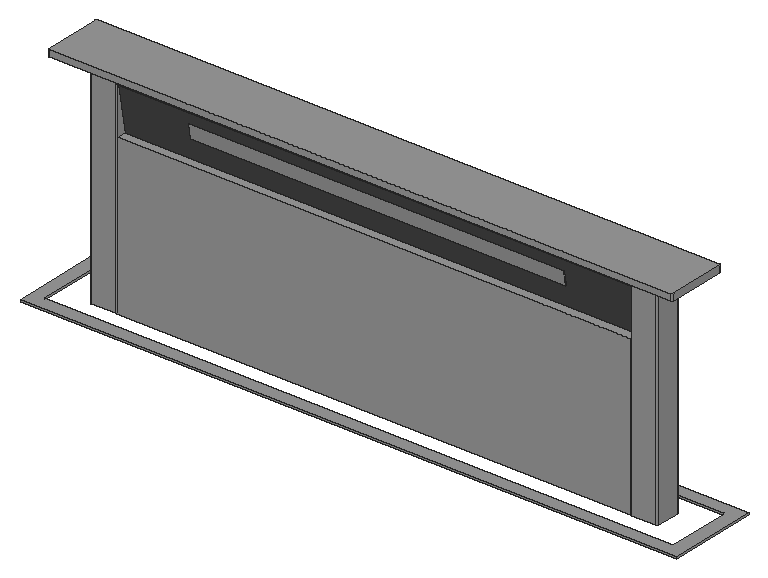
Revit family "Elica Andante Extractor", category Mechanical Equipment, Revit 2013
Parameters
  Width = 875 mm
  Up [instance] = yes
  TopUnderHeight [instance] = if(Up, 291 mm, -7 mm)  # 291 mm
  TopHeight [instance] = if(Up, 300 mm, 2 mm)  # 300 mm
  Stainless = Stainless Steel
  Light Panel = Light Panel
  Finish = Stainless Steel
  Depth = 120 mm
  Black Glass = Black Glass
Reference planes
  plane 1 "Center (Front/Back)": y = 0
  plane 2: z = 0
  plane 3 "Center (Left/Right)": x = 0
  plane 4 "Back": y = 60
  plane 5 "Front": y = -60
  plane 6 "Left": x = -437.5
  plane 7 "Right": x = 437.5
  plane 8: y = 0
Forms (mm)
  Extrusion 1, solid, material "Stainless Steel" <- "Stainless"
    sketch origin (0, 0, 0) x (1, 0, 0) y (0, 1, 0)
      loop
        line (-437.5, 60) -> (-437.5, -60) -> (437.5, -60) -> (437.5, 60) -> (-437.5, 60)
      loop
        arc (-417.5, 43) -> (-418.914, 42.414) -> (-419.5, 41) r 2
        line (-419.5, 41) -> (-419.5, -41)
        arc (-419.5, -41) -> (-418.914, -42.414) -> (-417.5, -43) r 2
        line (-417.5, -43) -> (417.5, -43)
        arc (417.5, -43) -> (418.914, -42.414) -> (419.5, -41) r 2
        line (419.5, -41) -> (419.5, 41)
        arc (419.5, 41) -> (418.914, 42.414) -> (417.5, 43) r 2
        line (417.5, 43) -> (-417.5, 43)
    from 0 to 2
  Extrusion 2, solid, material "Stainless Steel" <- "Finish"
    sketch origin (0, 0, 0) x (1, 0, 0) y (0, 1, 0)
      loop
        arc (-414.5, 40) -> (-415.914, 39.414) -> (-416.5, 38) r 2
        line (-416.5, 38) -> (-416.5, -38)
        arc (-416.5, -38) -> (-415.914, -39.414) -> (-414.5, -40) r 2
        line (-414.5, -40) -> (414.5, -40)
        arc (414.5, -40) -> (415.914, -39.414) -> (416.5, -38) r 2
        line (416.5, -38) -> (416.5, 38)
        arc (416.5, 38) -> (415.914, 39.414) -> (414.5, 40) r 2
        line (414.5, 40) -> (-414.5, 40)
    from 291 <- "TopUnderHeight" to 300 <- "TopHeight"
  Extrusion 3, solid, material "Stainless Steel" <- "Stainless", visible <- "Up"
    sketch origin (0, 0, 0) x (1, 0, 0) y (0, 1, 0)
      loop
        arc (-376.5, 17.588) -> (-377.914, 17.002) -> (-378.5, 15.588) r 2
        line (-378.5, 15.588) -> (-378.5, -15.588)
        arc (-378.5, -15.588) -> (-377.914, -17.002) -> (-376.5, -17.588) r 2
        line (-376.5, -17.588) -> (-344.5, -17.588)
        arc (-344.5, -17.588) -> (-343.086, -17.002) -> (-342.5, -15.588) r 2
        line (-342.5, -15.588) -> (-342.5, 15.588)
        arc (-342.5, 15.588) -> (-343.086, 17.002) -> (-344.5, 17.588) r 2
        line (-344.5, 17.588) -> (-376.5, 17.588)
      loop
        line (376.5, 17.588) -> (344.5, 17.588)
        arc (344.5, 17.588) -> (343.086, 17.002) -> (342.5, 15.588) r 2
        line (342.5, 15.588) -> (342.5, -15.588)
        arc (342.5, -15.588) -> (343.086, -17.002) -> (344.5, -17.588) r 2
        line (344.5, -17.588) -> (376.5, -17.588)
        arc (376.5, -17.588) -> (377.914, -17.002) -> (378.5, -15.588) r 2
        line (378.5, -15.588) -> (378.5, 15.588)
        arc (378.5, 15.588) -> (377.914, 17.002) -> (376.5, 17.588) r 2
    from 0 to 291
  Extrusion 4, solid, material "Stainless Steel" <- "Stainless", visible <- "Up"
    sketch origin (0, 0, 0) x (0, 1, 0) y (0, 0, 1)
      loop
        line (15.848, 291) -> (-15.147, 291)
        arc (-15.147, 291) -> (-16.561, 290.414) -> (-17.147, 289) r 2
        line (-17.147, 289) -> (-17.147, 275)
        arc (-17.147, 275) -> (-16.561, 273.586) -> (-15.147, 273) r 2
        line (-15.147, 273) -> (15.848, 273)
        arc (15.848, 273) -> (17.263, 273.586) -> (17.848, 275) r 2
        line (17.848, 275) -> (17.848, 289)
        arc (17.848, 289) -> (17.263, 290.414) -> (15.848, 291) r 2
    from -342.5 to 342.5
  Extrusion 5, solid, material "Black Glass" <- "Black Glass", visible <- "Up"
    sketch origin (0, 49.108, 6.146) x (1, 0, 0) y (0, -0.173648, 0.984808)
      loop
        line (-342.5, 273.86) -> (-342.5, 210.949) -> (342.5, 210.949) -> (342.5, 273.86) -> (-342.5, 273.86)
    from 0 to 17.588
  Extrusion 6, solid, material "Stainless Steel" <- "Finish", visible <- "Up"
    sketch origin (0, 0, 0) x (1, 0, 0) y (0, 0, 1)
      loop
        line (-342.5, 210.949) -> (-342.5, 0) -> (342.5, 0) -> (342.5, 210.949) -> (-342.5, 210.949)
    from 0 to 17.6
  Extrusion 7, solid, material "Light Panel" <- "Light Panel", visible <- "Up"
    sketch origin (0, 49.048, 6.183) x (1, 0, 0) y (0, -0.173648, 0.984808)
      loop
        line (-250, 258.485) -> (-250, 238.485) -> (250, 238.485) -> (250, 258.485) -> (-250, 258.485)
    from 0 to 18
  Extrusion 8, solid, material "Stainless Steel" <- "Finish", visible <- "Up"
    sketch origin (0, 0, 0) x (1, 0, 0) y (0, 0, 1)
      loop
        line (342.5, 275.845) -> (-342.5, 275.845) -> (-342.5, 0) -> (342.5, 0) -> (342.5, 275.845)
    from -17.588 to -12.477
Dimensions and locks
  "Width": plane 6 "Left" to plane 7 "Right"
  equal spacing: plane 6 "Left", plane 3 "Center (Left/Right)", plane 7 "Right"
  equal spacing: plane 5 "Front", plane 1 "Center (Front/Back)", plane 4 "Back"
  "Depth": plane 5 "Front" to plane 4 "Back"
  aligned and locked: level to plane 2
Automatic sketch dimensions
  plane 1 "Center (Front/Back)" to Extrusion 3 sketch curve = 17.588 mm  (x2)
  Extrusion 3 sketch curve to plane 1 "Center (Front/Back)" = 15.588 mm  (x2)
  plane 1 "Center (Front/Back)" to Extrusion 2 sketch curve = 38 mm
  plane 5 "Front" to Extrusion 1 sketch curve = 0 mm
  Extrusion 1 sketch curve to plane 6 "Left" = 0 mm
  plane 4 "Back" to Extrusion 1 sketch curve = 0 mm
  Extrusion 1 sketch curve to plane 7 "Right" = 0 mm
  plane 1 "Center (Front/Back)" to Extrusion 4 sketch curve = 17.147 mm
  plane 1 "Center (Front/Back)" to Extrusion 4 sketch curve = 15.147 mm
  level to Extrusion 4 sketch curve = 273 mm
  Extrusion 4 sketch curve to Extrusion 4 sketch curve = 2 mm  (x2)
  Extrusion 4 sketch curve to plane 1 "Center (Front/Back)" = 15.848 mm
  Extrusion 4 sketch curve to Extrusion 4 sketch curve = 0 mm
  Extrusion 4 sketch curve to Extrusion 4 sketch curve = 14 mm
  Extrusion 6 sketch curve to level = 0 mm
  level to Extrusion 6 sketch curve = 210.949 mm
  Extrusion 5 sketch curve to Extrusion 5 sketch curve = 62.911 mm
  Extrusion 7 sketch curve to Extrusion 7 sketch curve = 20 mm
  plane 4 "Back" to Extrusion 1 sketch curve = 19 mm
  plane 4 "Back" to Extrusion 2 sketch curve = 22 mm
  Extrusion 1 sketch curve to plane 5 "Front" = 17 mm
  plane 6 "Left" to Extrusion 1 sketch curve = 18 mm
  Extrusion 1 sketch curve to plane 5 "Front" = 19 mm  (x2)
  Extrusion 1 sketch curve to Extrusion 1 sketch curve = 2 mm
  plane 6 "Left" to Extrusion 2 sketch curve = 21 mm
  Extrusion 2 sketch curve to plane 5 "Front" = 20 mm
  Extrusion 2 sketch curve to Extrusion 2 sketch curve = 2 mm  (x2)
  plane 1 "Center (Front/Back)" to Extrusion 3 sketch curve = 15.588 mm  (x3)
  plane 6 "Left" to Extrusion 3 sketch curve = 59 mm
  Extrusion 3 sketch curve to Extrusion 3 sketch curve = 2 mm  (x4)
  Extrusion 3 sketch curve to Extrusion 3 sketch curve = 32 mm  (x3)
  plane 6 "Left" to Extrusion 5 sketch curve = 95 mm
  plane 6 "Left" to Extrusion 6 sketch curve = 95 mm
  plane 6 "Left" to Extrusion 7 sketch curve = 187.5 mm
  Extrusion 1 sketch curve to plane 7 "Right" = 20 mm  (x2)
  Extrusion 2 sketch curve to plane 7 "Right" = 23 mm
  Extrusion 2 sketch curve to plane 7 "Right" = 21 mm
  Extrusion 3 sketch curve to plane 7 "Right" = 95 mm
  Extrusion 5 sketch curve to plane 7 "Right" = 95 mm
  Extrusion 6 sketch curve to plane 7 "Right" = 95 mm
  Extrusion 7 sketch curve to plane 7 "Right" = 187.5 mm
  Extrusion 8 sketch curve to level = 0 mm
  plane 6 "Left" to Extrusion 8 sketch curve = 95 mm
  Extrusion 8 sketch curve to plane 7 "Right" = 95 mm
  level to Extrusion 8 sketch curve = 275.845 mm
